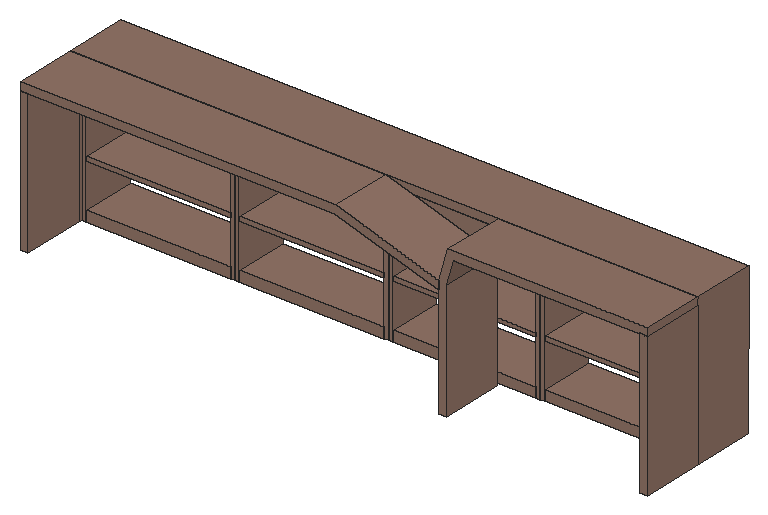
Revit family "Houzz_shelves", category Furniture, Revit 2015
Reference planes
  plane 1 "Center (Front/Back)": y = 0
  plane 2: z = 0
  plane 3 "Center (Left/Right)": x = 0
  plane 4: z = 50
  plane 5: z = 260.667
  plane 6: z = 471.333
  plane 7: z = 451.333
  plane 8: z = 280.667
  plane 9: z = 471.333
  plane 10: z = 471.333
  plane 11: z = 471.333
  plane 12: z = 280.667
  plane 13: z = 451.333
  plane 14: z = 260.667
  plane 15: z = 662
Forms (mm)
  Extrusion 1, solid, material "Wood 1"
    sketch origin (0, 0, 2) x (1, 0, 0) y (0, 0, 1)
      loop
        line (-2282.626, -2) -> (-2244.626, -2) -> (-2244.626, 680) -> (-2282.626, 680) -> (-2282.626, -2)
    from 0 to 300
  Extrusion 2, solid, material "Wood 1"
    sketch origin (2962, 0, 2) x (1, 0, 0) y (0, 0, 1)
      loop
        line (-2282.626, -2) -> (-2244.626, -2) -> (-2244.626, 680) -> (-2282.626, 680) -> (-2282.626, -2)
    from 0 to 300
  Extrusion 3, solid, material "Wood 1"
    sketch origin (0, 0, 0) x (1, 0, 0) y (0, 0, 1)
      loop
        line (-282.626, 0) -> (-244.626, 0) -> (-244.626, 564.321) -> (-208.648, 682) -> (717.374, 682) -> (717.374, 720) -> (-236.766, 720) -> (-282.626, 570) -> (-282.626, 0)
    from 0 to 300
  Extrusion 4, solid, material "Wood 1"
    sketch origin (0, 0, 0) x (1, 0, 0) y (0, 0, 1)
      loop
        line (-282.626, 530.264) -> (-282.626, 570) -> (-773.254, 720) -> (-2282.626, 720) -> (-2282.626, 682) -> (-778.933, 682) -> (-282.626, 530.264)
    from 0 to 300
  Extrusion 5, solid, material "Wood 1"
    sketch origin (0, 0, 0) x (1, 0, 0) y (0, 0, 1)
      loop
        line (-2244.626, 0) -> (-2244.626, 682) -> (679.374, 682) -> (679.374, 0) -> (717.374, 0) -> (717.374, 720) -> (-2282.626, 720) -> (-2282.626, 0) -> (-2244.626, 0)
    from 0 to -300
  Extrusion 6, solid, material "Wood 1"
    sketch origin (0, 0, 0) x (1, 0, 0) y (0, 0, 1)
      loop
        line (-282.626, 570) -> (-248.384, 682) -> (-778.933, 682) -> (-282.626, 530.264) -> (-282.626, 570)
    from 0 to -20
  Extrusion 7, solid, material "Wood 1"
    sketch origin (0, 0, 0) x (1, 0, 0) y (0, 0, 1)
      loop
        line (-2244.626, 0) -> (-2224.626, 0) -> (-2224.626, 682) -> (-2244.626, 682) -> (-2244.626, 0)
      loop
        line (-1511.779, 0) -> (-1511.779, 682) -> (-1531.779, 682) -> (-1531.779, 0) -> (-1511.779, 0)
    from -20 to -280
  Extrusion 8, solid, material "Wood 1"
    sketch origin (0, 0, 0) x (1, 0, 0) y (0, 0, 1)
      loop
        line (-2224.626, 662) -> (-1531.779, 662) -> (-1531.779, 682) -> (-2224.626, 682) -> (-2224.626, 662)
    from -20 to -280
  Extrusion 9, solid, material "Wood 1"
    sketch origin (0, 0, 0) x (1, 0, 0) y (0, 0, 1)
      loop
        line (-2224.626, 0) -> (-1531.779, 0) -> (-1531.779, 50) -> (-2224.626, 50) -> (-2224.626, 0)
    from -20 to -280
  Extrusion 10, solid, material "Wood 1"
    sketch origin (0, 0, 0) x (1, 0, 0) y (0, 0, 1)
      loop
        line (-2224.626, 451.333) -> (-1531.779, 451.333) -> (-1531.779, 471.333) -> (-2224.626, 471.333) -> (-2224.626, 451.333)
      loop
        line (-2224.626, 260.667) -> (-1531.779, 260.667) -> (-1531.779, 280.667) -> (-2224.626, 280.667) -> (-2224.626, 260.667)
    from -20 to -280
  Extrusion 11, solid, material "Wood 1"
    sketch origin (732.846, 0, 0) x (1, 0, 0) y (0, 0, 1)
      loop
        line (-2244.626, 0) -> (-2224.626, 0) -> (-2224.626, 682) -> (-2244.626, 682) -> (-2244.626, 0)
      loop
        line (-1511.779, 0) -> (-1511.779, 682) -> (-1531.779, 682) -> (-1531.779, 0) -> (-1511.779, 0)
    from -20 to -280
  Extrusion 12, solid, material "Wood 1"
    sketch origin (732.846, 0, 0) x (1, 0, 0) y (0, 0, 1)
      loop
        line (-2224.626, 662) -> (-1531.779, 662) -> (-1531.779, 682) -> (-2224.626, 682) -> (-2224.626, 662)
    from -20 to -280
  Extrusion 13, solid, material "Wood 1"
    sketch origin (732.846, 0, 0) x (1, 0, 0) y (0, 0, 1)
      loop
        line (-2224.626, 0) -> (-1531.779, 0) -> (-1531.779, 50) -> (-2224.626, 50) -> (-2224.626, 0)
    from -20 to -280
  Extrusion 14, solid, material "Wood 1"
    sketch origin (732.846, 0, 0) x (1, 0, 0) y (0, 0, 1)
      loop
        line (-2224.626, 451.333) -> (-1531.779, 451.333) -> (-1531.779, 471.333) -> (-2224.626, 471.333) -> (-2224.626, 451.333)
      loop
        line (-2224.626, 260.667) -> (-1531.779, 260.667) -> (-1531.779, 280.667) -> (-2224.626, 280.667) -> (-2224.626, 260.667)
    from -20 to -280
  Extrusion 15, solid, material "Wood 1"
    sketch origin (2191.154, 0, 0) x (1, 0, 0) y (0, 0, 1)
      loop
        line (-2244.626, 0) -> (-2224.626, 0) -> (-2224.626, 682) -> (-2244.626, 682) -> (-2244.626, 0)
      loop
        line (-1511.779, 0) -> (-1511.779, 682) -> (-1531.779, 682) -> (-1531.779, 0) -> (-1511.779, 0)
    from -20 to -280
  Extrusion 16, solid, material "Wood 1"
    sketch origin (2191.154, 0, 0) x (1, 0, 0) y (0, 0, 1)
      loop
        line (-2224.626, 662) -> (-1531.779, 662) -> (-1531.779, 682) -> (-2224.626, 682) -> (-2224.626, 662)
    from -20 to -280
  Extrusion 17, solid, material "Wood 1"
    sketch origin (2191.154, 0, 0) x (1, 0, 0) y (0, 0, 1)
      loop
        line (-2224.626, 0) -> (-1531.779, 0) -> (-1531.779, 50) -> (-2224.626, 50) -> (-2224.626, 0)
    from -20 to -280
  Extrusion 18, solid, material "Wood 1"
    sketch origin (2191.154, 0, 0) x (1, 0, 0) y (0, 0, 1)
      loop
        line (-2224.626, 451.333) -> (-1531.779, 451.333) -> (-1531.779, 471.333) -> (-2224.626, 471.333) -> (-2224.626, 451.333)
      loop
        line (-2224.626, 260.667) -> (-1531.779, 260.667) -> (-1531.779, 280.667) -> (-2224.626, 280.667) -> (-2224.626, 260.667)
    from -20 to -280
  Extrusion 19, solid, material "Wood 1"
    sketch origin (0, 0, 0) x (1, 0, 0) y (0, 0, 1)
      loop
        line (-778.933, 0) -> (-758.933, 0) -> (-758.933, 682) -> (-778.933, 682) -> (-778.933, 0)
      loop
        line (-73.472, 0) -> (-53.472, 0) -> (-53.472, 682) -> (-73.472, 682) -> (-73.472, 0)
    from -20 to -280
  Extrusion 20, solid, material "Wood 1"
    sketch origin (0, 0, 0) x (1, 0, 0) y (0, 0, 1)
      loop
        line (-758.933, 0) -> (-73.472, 0) -> (-73.472, 50) -> (-758.933, 50) -> (-758.933, 0)
      loop
        line (-758.933, 662) -> (-73.472, 662) -> (-73.472, 682) -> (-758.933, 682) -> (-758.933, 662)
    from -20 to -280
  Extrusion 21, solid, material "Wood 1"
    sketch origin (0, 0, 0) x (1, 0, 0) y (0, 0, 1)
      loop
        line (-758.933, 260.667) -> (-73.472, 260.667) -> (-73.472, 280.667) -> (-758.933, 280.667) -> (-758.933, 260.667)
      loop
        line (-758.933, 451.333) -> (-73.472, 451.333) -> (-73.472, 471.333) -> (-758.933, 471.333) -> (-758.933, 451.333)
    from -20 to -280
Lines and regions (mm)
  model lines
    curve 1: line (-2282.626, 0, 720) -> (-2282.626, 0, 0)
    curve 2: line (717.374, 0, 0) -> (717.374, 0, 720)
    curve 3: line (-282.626, 0, 0) -> (-282.626, 0, 570)
    curve 4: line (-282.626, 0, 570) -> (-236.766, 0, 720)
    curve 5: line (-244.626, 0, 564.321) -> (-208.648, 0, 682)
    curve 6: line (-244.626, 0, 0) -> (-244.626, 0, 564.321)
    curve 7: line (-208.648, 0, 682) -> (717.374, 0, 682)
    curve 8: line (-248.384, 0, 682) -> (-282.626, 0, 570)
    curve 9: line (-648.961, 0, 682) -> (-282.626, 0, 570)
Dimensions and locks
  Extrusion 7 sketch curve to Extrusion 7 sketch curve to curve 1 = 20 mm, 750.846 mm
  Extrusion 11 sketch curve to Extrusion 11 sketch curve = 20 mm
  Extrusion 15 sketch curve to Extrusion 15 sketch curve = 20 mm
  aligned and locked: level to plane 2
